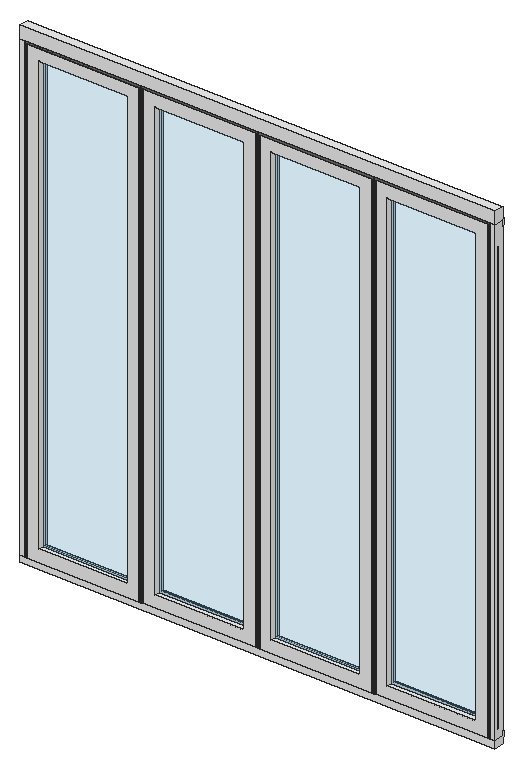
Revit family "98135", category Windows, host Wall, Revit 2018 (continued)
Definition of nested family "Sill_SL-60"
  Definition of nested family "Detailitem_Sill-SL60"
    Lines and regions (in)
      model lines, in view "Ref. Level"
        curve 389: line (0.27207, 0.98425, 0) -> (0.3937, 0.98425, 0)
        curve 390: line (0.29528, 0.32726, 0) -> (0.3937, 0.38409, 0)
        curve 391: line (0.3937, 0.38409, 0) -> (0.3937, 0.63166, 0)
        curve 392: line (0.3937, 0.63166, 0) -> (0.29528, 0.68849, 0)
        curve 393: line (0.29528, 0.68849, 0) -> (0.3937, 0.63166, 0)
        curve 394: line (0.3937, 0.63166, 0) -> (0.3937, 0.38409, 0)
        curve 395: line (0.3937, 0.38409, 0) -> (0.29528, 0.32726, 0)
        curve 396: line (0.2874, 0.78395, 0) -> (0.38189, 0.7294, 0)
        curve 397: line (0.38189, 0.7294, 0) -> (0.2874, 0.78395, 0)
        curve 398: line (0.27586, 0.87437, 0) -> (0.25306, 0.95947, 0)
        curve 399: line (0.25306, 0.95947, 0) -> (0.27586, 0.87437, 0)
        curve 400: line (0.27559, 0.72258, 0) -> (0.27559, 0.77714, 0)
        curve 401: line (0.27559, 0.77714, 0) -> (0.27559, 0.72258, 0)
        curve 402: line (0.27559, 0.23861, 0) -> (0.27559, 0.29317, 0)
        curve 403: line (0.27559, 0.29317, 0) -> (0.27559, 0.23861, 0)
        curve 404: line (0.3937, 0.73622, 0) -> (0.3937, 0.91732, 0)
        curve 405: line (0.3937, 0.91732, 0) -> (0.3937, 0.73622, 0)
        curve 406: line (0.3937, 0.09843, 0) -> (0.3937, 0.27953, 0)
        curve 407: line (0.3937, 0.27953, 0) -> (0.3937, 0.09843, 0)
        curve 408: line (0.38189, 0.92414, 0) -> (0.2874, 0.86959, 0)
        curve 409: line (0.2874, 0.86959, 0) -> (0.38189, 0.92414, 0)
        curve 410: line (0.25306, 0.05628, 0) -> (0.27586, 0.14138, 0)
        curve 411: line (0.27586, 0.14138, 0) -> (0.25306, 0.05628, 0)
        curve 412: line (0.38189, 0.28635, 0) -> (0.2874, 0.23179, 0)
        curve 413: line (0.2874, 0.23179, 0) -> (0.38189, 0.28635, 0)
        curve 414: line (-0.18549, 0.0315, 0) -> (0.18549, 0.0315, 0)
        curve 415: line (0.12866, 0.09941, 0) -> (-0.12866, 0.09941, 0)
        curve 416: line (-0.38583, 0.10531, 0) -> (-0.36457, 0.10531, 0)
        curve 417: line (-0.36457, 0.10531, 0) -> (-0.28785, 0.14961, 0)
        curve 418: line (-0.28785, 0.14961, 0) -> (-0.27811, 0.14961, 0)
        curve 419: line (0.27811, 0.14961, 0) -> (0.28785, 0.14961, 0)
        curve 420: line (0.28785, 0.14961, 0) -> (0.36457, 0.10531, 0)
        curve 421: line (0.36457, 0.10531, 0) -> (0.38583, 0.10531, 0)
        curve 422: line (0.38583, 0.27264, 0) -> (0.36457, 0.27264, 0)
        curve 423: line (0.36457, 0.27264, 0) -> (0.28785, 0.22835, 0)
        curve 424: line (0.28785, 0.22835, 0) -> (0.24856, 0.22835, 0)
        curve 425: line (-0.24856, 0.22835, 0) -> (-0.28785, 0.22835, 0)
        curve 426: line (-0.28785, 0.22835, 0) -> (-0.36457, 0.27264, 0)
        curve 427: line (-0.36457, 0.27264, 0) -> (-0.38583, 0.27264, 0)
        curve 428: line (-0.26106, 0.13976, 0) -> (-0.20253, 0.04134, 0)
        curve 429: line (-0.16275, 0.11909, 0) -> (-0.21447, 0.20866, 0)
        curve 430: line (-0.3937, 0.26476, 0) -> (-0.3937, 0.11319, 0)
        curve 431: line (0.3937, 0.11319, 0) -> (0.3937, 0.26476, 0)
        curve 432: line (0.21447, 0.20866, 0) -> (0.16275, 0.11909, 0)
        curve 433: line (0.20253, 0.04134, 0) -> (0.26106, 0.13976, 0)
        curve 434: line (-0.38583, 0.74311, 0) -> (-0.36457, 0.74311, 0)
        curve 435: line (-0.36457, 0.74311, 0) -> (-0.28785, 0.7874, 0)
        curve 436: line (-0.28785, 0.7874, 0) -> (-0.24856, 0.7874, 0)
        curve 437: line (0.24856, 0.7874, 0) -> (0.28785, 0.7874, 0)
        curve 438: line (0.28785, 0.7874, 0) -> (0.36457, 0.74311, 0)
        curve 439: line (0.36457, 0.74311, 0) -> (0.38583, 0.74311, 0)
        curve 440: line (0.38583, 0.91043, 0) -> (0.36457, 0.91043, 0)
        curve 441: line (0.36457, 0.91043, 0) -> (0.28785, 0.86614, 0)
        curve 442: line (0.28785, 0.86614, 0) -> (0.27811, 0.86614, 0)
        curve 443: line (-0.27811, 0.86614, 0) -> (-0.28785, 0.86614, 0)
        curve 444: line (-0.28785, 0.86614, 0) -> (-0.36457, 0.91043, 0)
        curve 445: line (-0.36457, 0.91043, 0) -> (-0.38583, 0.91043, 0)
        curve 446: line (-0.12866, 0.91634, 0) -> (0.12866, 0.91634, 0)
        curve 447: line (-0.3937, 0.90256, 0) -> (-0.3937, 0.75098, 0)
        curve 448: line (0.18549, 0.98425, 0) -> (-0.18549, 0.98425, 0)
        curve 449: line (-0.20253, 0.97441, 0) -> (-0.26106, 0.87598, 0)
        curve 450: line (0.16275, 0.89665, 0) -> (0.21447, 0.80709, 0)
        curve 451: line (0.26106, 0.87598, 0) -> (0.20253, 0.97441, 0)
        curve 452: line (-0.21447, 0.80709, 0) -> (-0.16275, 0.89665, 0)
        curve 453: line (0.3937, 0.75098, 0) -> (0.3937, 0.90256, 0)
        curve 574: line (-1.15354, 1.06299, 0) -> (-1.15354, 0, 0)
        curve 575: line (-1.15354, 0, 0) -> (-1.01189, 0, 0)
        curve 576: line (-1.01189, 0, 0) -> (-0.99606, 0.05906, 0)
        curve 577: line (-0.99606, 0.05906, 0) -> (-1.0748, 0.05906, 0)
        curve 578: line (-1.0748, 0.05906, 0) -> (-1.0748, 0.19685, 0)
        curve 579: line (-1.0748, 0.19685, 0) -> (-0.81967, 0.19685, 0)
        curve 580: line (-0.81967, 0.19685, 0) -> (-0.79921, 0.20866, 0)
        curve 581: line (-0.79921, 0.20866, 0) -> (-0.77876, 0.19685, 0)
        curve 582: line (-0.77876, 0.19685, 0) -> (-0.47244, 0.19685, 0)
        curve 583: line (-0.47244, 0.19685, 0) -> (-0.47244, 0.05906, 0)
        curve 584: line (-0.47244, 0.05906, 0) -> (-0.60236, 0.05906, 0)
        curve 585: line (-0.60236, 0.05906, 0) -> (-0.58654, 0, 0)
        curve 586: line (-0.58654, 0, 0) -> (-0.4252, 0, 0)
        curve 587: line (-0.46457, 1.77559, 0) -> (-0.46457, 1.49606, 0)
        curve 588: line (-0.46457, 1.49606, 0) -> (-0.52362, 1.49606, 0)
        curve 589: line (-0.52362, 1.49606, 0) -> (-0.53217, 1.56446, 0)
        curve 590: line (-0.54389, 1.5748, 0) -> (-0.59784, 1.5748, 0)
        curve 591: line (-0.60956, 1.56446, 0) -> (-0.61811, 1.49606, 0)
        curve 592: line (-0.61811, 1.49606, 0) -> (-0.67717, 1.49606, 0)
        curve 593: line (-0.67717, 1.49606, 0) -> (-0.67717, 1.65354, 0)
        curve 594: line (-0.67717, 1.65354, 0) -> (-0.70216, 1.79531, 0)
        curve 595: line (-0.70216, 1.79531, 0) -> (-0.68661, 1.87008, 0)
        curve 596: line (-0.66929, 1.88189, 0) -> (-0.66929, 1.91732, 0)
        curve 597: line (-0.74443, 1.8821, 0) -> (-0.77559, 1.73228, 0)
        curve 598: line (-0.77559, 1.73228, 0) -> (-0.77559, 1.1811, 0)
        curve 599: line (-0.77559, 1.1811, 0) -> (-1.19291, 1.1811, 0)
        curve 600: line (-1.19291, 1.1811, 0) -> (-1.26148, 1.11253, 0)
        curve 601: line (0.4252, 0, 0) -> (0.60229, 0, 0)
        curve 602: line (0.60229, 0, 0) -> (0.61811, 0.05906, 0)
        curve 603: line (0.61811, 0.05906, 0) -> (0.47244, 0.05906, 0)
        curve 604: line (0.47244, 0.05906, 0) -> (0.47244, 0.19685, 0)
        curve 605: line (0.47244, 0.19685, 0) -> (0.7945, 0.19685, 0)
        curve 606: line (0.7945, 0.19685, 0) -> (0.81496, 0.20866, 0)
        curve 607: line (0.81496, 0.20866, 0) -> (0.83542, 0.19685, 0)
        curve 608: line (0.83542, 0.19685, 0) -> (1.09055, 0.19685, 0)
        curve 609: line (1.09055, 0.19685, 0) -> (1.09055, 0.05906, 0)
        curve 610: line (1.09055, 0.05906, 0) -> (1.01181, 0.05906, 0)
        curve 611: line (1.01181, 0.05906, 0) -> (1.02763, 0, 0)
        curve 612: line (1.02763, 0, 0) -> (1.16929, 0, 0)
        curve 613: line (1.16929, 0, 0) -> (1.16929, 1.37795, 0)
        curve 614: line (1.16929, 1.37795, 0) -> (1.09055, 1.37795, 0)
        curve 615: line (1.07087, 1.35827, 0) -> (1.07087, 1.33858, 0)
        curve 616: line (1.07087, 1.33858, 0) -> (1.11024, 1.33858, 0)
        curve 617: line (1.11024, 1.33858, 0) -> (1.11024, 1.27953, 0)
        curve 618: line (1.11024, 1.27953, 0) -> (1.07087, 1.24016, 0)
        curve 619: line (1.07087, 1.24016, 0) -> (1.07087, 0.98819, 0)
        curve 620: line (1.07087, 0.98819, 0) -> (0.8937, 0.98819, 0)
        curve 621: line (0.8937, 0.98819, 0) -> (0.8937, 1.24016, 0)
        curve 622: line (0.8937, 1.24016, 0) -> (0.85433, 1.27953, 0)
        curve 623: line (0.85433, 1.27953, 0) -> (0.85433, 1.33858, 0)
        curve 624: line (0.85433, 1.33858, 0) -> (0.8937, 1.33858, 0)
        curve 625: line (0.8937, 1.33858, 0) -> (0.8937, 1.35827, 0)
        curve 626: line (0.87402, 1.37795, 0) -> (0.77559, 1.37795, 0)
        curve 627: line (0.77559, 1.37795, 0) -> (0.77559, 1.73228, 0)
        curve 628: line (0.77559, 1.73228, 0) -> (0.74443, 1.8821, 0)
        curve 629: line (0.66929, 1.91732, 0) -> (0.66929, 1.88189, 0)
        curve 630: line (0.68661, 1.87008, 0) -> (0.70216, 1.79531, 0)
        curve 631: line (0.70216, 1.79531, 0) -> (0.67717, 1.65354, 0)
        curve 632: line (0.67717, 1.65354, 0) -> (0.67717, 1.49606, 0)
        curve 633: line (0.67717, 1.49606, 0) -> (0.61811, 1.49606, 0)
        curve 634: line (0.61811, 1.49606, 0) -> (0.60956, 1.56446, 0)
        curve 635: line (0.59784, 1.5748, 0) -> (0.54389, 1.5748, 0)
        curve 636: line (0.53217, 1.56446, 0) -> (0.52362, 1.49606, 0)
        curve 637: line (0.52362, 1.49606, 0) -> (0.46457, 1.49606, 0)
        curve 638: line (0.46457, 1.49606, 0) -> (0.46457, 1.77559, 0)
        curve 639: line (0.82677, 0.98819, 0) -> (0.82677, 1.21243, 0)
        curve 640: line (0.82677, 1.21243, 0) -> (0.7874, 1.2518, 0)
        curve 641: line (0.7874, 1.2518, 0) -> (0.7874, 1.31102, 0)
        curve 642: line (0.7874, 1.31102, 0) -> (0.77559, 1.31102, 0)
        curve 643: line (0.70866, 1.37795, 0) -> (0.70866, 1.42913, 0)
        curve 644: line (0.70866, 1.42913, 0) -> (0.47244, 1.42913, 0)
        curve 645: line (0.47244, 1.42913, 0) -> (0.47244, 0.98031, 0)
        curve 646: line (0.47244, 0.98031, 0) -> (0.52756, 0.98031, 0)
        curve 647: line (0.56693, 0.94094, 0) -> (0.56693, 0.92126, 0)
        curve 648: line (0.56693, 0.92126, 0) -> (0.48819, 0.92126, 0)
        curve 649: line (0.48819, 0.92126, 0) -> (0.48819, 0.84252, 0)
        curve 650: line (0.48819, 0.84252, 0) -> (0.47244, 0.84252, 0)
        curve 651: line (0.47244, 0.84252, 0) -> (0.47244, 0.33858, 0)
        curve 652: line (0.47244, 0.33858, 0) -> (0.48819, 0.33858, 0)
        curve 653: line (0.48819, 0.33858, 0) -> (0.48819, 0.25984, 0)
        curve 654: line (0.48819, 0.25984, 0) -> (1.07087, 0.25984, 0)
        curve 655: line (1.07087, 0.25984, 0) -> (1.07087, 0.33858, 0)
        curve 656: line (1.07087, 0.33858, 0) -> (1.09055, 0.33858, 0)
        curve 657: line (1.09055, 0.33858, 0) -> (1.09055, 0.84252, 0)
        curve 658: line (1.09055, 0.84252, 0) -> (1.07087, 0.84252, 0)
        curve 659: line (1.07087, 0.84252, 0) -> (1.07087, 0.92126, 0)
        curve 660: line (1.07087, 0.92126, 0) -> (0.8937, 0.92126, 0)
        curve 661: line (-1.42913, 1.33858, 0) -> (-1.42913, 2.36291, 0)
        curve 662: line (-1.22835, 2.53937, 0) -> (-1.22835, 2.46063, 0)
        curve 663: line (-1.24803, 2.44094, 0) -> (-1.26772, 2.44094, 0)
        curve 664: line (-1.26772, 2.44094, 0) -> (-1.26772, 2.48819, 0)
        curve 665: line (-1.26772, 2.48819, 0) -> (-1.3189, 2.48819, 0)
        curve 666: line (-1.3189, 2.48819, 0) -> (-1.3189, 2.44094, 0)
        curve 667: line (-1.3189, 2.44094, 0) -> (-1.35039, 2.44094, 0)
        curve 668: line (-1.35039, 2.44094, 0) -> (-1.35039, 2.3189, 0)
        curve 669: line (-1.35039, 2.3189, 0) -> (-1.3189, 2.3189, 0)
        curve 670: line (-1.3189, 2.3189, 0) -> (-1.3189, 2.27165, 0)
        curve 671: line (-1.3189, 2.27165, 0) -> (-1.26772, 2.27165, 0)
        curve 672: line (-1.26772, 2.27165, 0) -> (-1.26772, 2.3189, 0)
        curve 673: line (-1.26772, 2.3189, 0) -> (-1.24803, 2.3189, 0)
        curve 674: line (-1.22835, 2.29921, 0) -> (-1.22835, 2.13386, 0)
        curve 675: line (-1.22835, 2.13386, 0) -> (-1.26378, 2.13386, 0)
        curve 676: line (-1.26378, 2.13386, 0) -> (-1.26378, 2.2126, 0)
        curve 677: line (-1.26378, 2.2126, 0) -> (-1.35039, 2.2126, 0)
        curve 678: line (-1.35039, 2.2126, 0) -> (-1.35039, 1.80709, 0)
        curve 679: line (-1.35039, 1.80709, 0) -> (-1.26378, 1.80709, 0)
        curve 680: line (-1.26378, 1.80709, 0) -> (-1.26378, 1.88583, 0)
        curve 681: line (-1.26378, 1.88583, 0) -> (-1.22835, 1.88583, 0)
        curve 682: line (-1.22835, 1.88583, 0) -> (-1.22835, 1.80709, 0)
        curve 683: line (-1.2874, 1.74803, 0) -> (-1.35039, 1.74803, 0)
        curve 684: line (-1.35039, 1.74803, 0) -> (-1.35039, 1.33858, 0)
        curve 685: line (-1.34688, 1.30552, 0) -> (-1.40908, 1.24333, 0)
        curve 686: line (-0.51181, 0.98031, 0) -> (-0.47244, 0.98031, 0)
        curve 687: line (-0.47244, 0.98031, 0) -> (-0.47244, 1.42913, 0)
        curve 688: line (-0.47244, 1.42913, 0) -> (-0.70866, 1.42913, 0)
        curve 689: line (-0.70866, 1.42913, 0) -> (-0.70866, 1.1811, 0)
        curve 690: line (-0.77559, 1.11417, 0) -> (-1.0748, 1.11417, 0)
        curve 691: line (-1.0748, 1.11417, 0) -> (-1.0748, 0.98031, 0)
        curve 692: line (-1.0748, 0.98031, 0) -> (-1.01575, 0.98031, 0)
        curve 693: line (-0.97638, 0.94094, 0) -> (-0.97638, 0.92126, 0)
        curve 694: line (-0.97638, 0.92126, 0) -> (-1.05512, 0.92126, 0)
        curve 695: line (-1.05512, 0.92126, 0) -> (-1.05512, 0.84252, 0)
        curve 696: line (-1.05512, 0.84252, 0) -> (-1.0748, 0.84252, 0)
        curve 697: line (-1.0748, 0.84252, 0) -> (-1.0748, 0.33858, 0)
        curve 698: line (-1.0748, 0.33858, 0) -> (-1.05512, 0.33858, 0)
        curve 699: line (-1.05512, 0.33858, 0) -> (-1.05512, 0.25984, 0)
        curve 700: line (-1.05512, 0.25984, 0) -> (-0.47244, 0.25984, 0)
        curve 701: line (-0.47244, 0.25984, 0) -> (-0.47244, 0.92126, 0)
        curve 702: line (-0.47244, 0.92126, 0) -> (-0.55118, 0.92126, 0)
        curve 703: line (-0.55118, 0.92126, 0) -> (-0.55118, 0.94094, 0)
        curve 790: arc (0.15996, 1.04629, 0) -> (0.09099, 1.10717, 0) -> (0.001, 1.12627, 0) r 0.18096
        curve 791: arc (0.001, 1.12627, 0) -> (-0.08898, 1.10717, 0) -> (-0.15795, 1.04629, 0) r 0.18096
        curve 792: line (0.29796, 1.04629, 0) -> (0.29796, 0.98425, 0)
        curve 793: line (0.29796, 0.98425, 0) -> (-0.29796, 0.98425, 0)
        curve 794: line (-0.29796, 0.98425, 0) -> (-0.29796, 1.04629, 0)
        curve 795: line (-0.29796, 1.04629, 0) -> (0.29796, 1.04629, 0)
        curve 796: line (-0.15744, 1.04705, 0) -> (0.15945, 1.04705, 0)
      model lines, in view "Ref. Level", visible <- "Half"
        curve 5: arc (-0.23622, 2.10631, 0) -> (-0.25014, 2.10055, 0) -> (-0.25591, 2.08663, 0) r 0.01969
        curve 6: arc (0.25591, 2.08663, 0) -> (0.25014, 2.10055, 0) -> (0.23622, 2.10631, 0) r 0.01969
        curve 7: arc (-0.11547, 1.72246, 0) -> (-0.11744, 1.71771, 0) -> (-0.11811, 1.71261, 0) r 0.01969
        curve 8: arc (-0.25591, 1.77167, 0) -> (-0.25014, 1.75775, 0) -> (-0.23622, 1.75198, 0) r 0.01969
        curve 9: arc (0.11811, 1.71261, 0) -> (0.11744, 1.71771, 0) -> (0.11547, 1.72246, 0) r 0.01969
        curve 10: arc (0.23622, 1.75198, 0) -> (0.25014, 1.75775, 0) -> (0.25591, 1.77167, 0) r 0.01969
        curve 13: line (0.25591, 2.75592, 0) -> (0.25591, 1.77167, 0)
        curve 14: line (-0.25591, 2.75592, 0) -> (-0.25591, 1.77167, 0)
        curve 17: line (-0.23622, 2.10631, 0) -> (0.23622, 2.10631, 0)
        curve 18: line (-0.23622, 1.75198, 0) -> (0.23622, 1.75198, 0)
        curve 19: line (-0.11547, 1.72246, 0) -> (-0.09843, 1.75198, 0)
        curve 20: line (0.11547, 1.72246, 0) -> (0.09843, 1.75198, 0)
        curve 21: arc (-0.93408, 4.44667, 0) -> (-0.89727, 4.44826, 0) -> (-0.86136, 4.45654, 0) r 0.20101
        curve 22: arc (-0.88229, 4.65698, 0) -> (-0.93732, 4.63747, 0) -> (-0.98554, 4.60455, 0) r 0.22677
        curve 23: arc (-0.93408, 4.44667, 0) -> (-0.94862, 4.44126, 0) -> (-0.95472, 4.42701, 0) r 0.01969
        curve 24: arc (-1.04001, 4.376, 0) -> (-1.04891, 4.41236, 0) -> (-1.07359, 4.4405, 0) r 0.07874
        curve 25: arc (-0.98425, 4.18112, 0) -> (-0.96276, 4.19056, 0) -> (-0.95472, 4.21261, 0) r 0.02987
        curve 26: arc (-1.07359, 4.27213, 0) -> (-1.04891, 4.30027, 0) -> (-1.04001, 4.33663, 0) r 0.07874
        curve 27: arc (-1.08315, 4.26544, 0) -> (-1.09146, 4.25103, 0) -> (-1.08577, 4.23539, 0) r 0.01969
        curve 28: arc (-1.08577, 4.47723, 0) -> (-1.09146, 4.4616, 0) -> (-1.08315, 4.44719, 0) r 0.01969
        curve 29: arc (-0.98554, 4.60455, 0) -> (-0.99026, 4.59823, 0) -> (-0.99211, 4.59057, 0) r 0.01969
        curve 30: arc (-0.83465, 4.61849, 0) -> (-0.84927, 4.64911, 0) -> (-0.88229, 4.65698, 0) r 0.03937
        curve 31: arc (-0.86136, 4.45654, 0) -> (-0.84201, 4.47089, 0) -> (-0.83465, 4.49382, 0) r 0.03937
        curve 32: arc (0.13796, 4.53115, 0) -> (0.11104, 4.514, 0) -> (0.12578, 4.48569, 0) r 0.02362
        curve 33: arc (0.13386, 4.70474, 0) -> (0.11053, 4.68483, 0) -> (0.12652, 4.65866, 0) r 0.02362
        curve 34: arc (0.39896, 4.29908, 0) -> (0.37425, 4.27026, 0) -> (0.40177, 4.24411, 0) r 0.02756
        curve 35: arc (0.13386, 4.35435, 0) -> (0.11033, 4.33278, 0) -> (0.12976, 4.30746, 0) r 0.02362
        curve 36: arc (0.57556, 3.81891, 0) -> (0.59375, 3.83106, 0) -> (0.58948, 3.85252, 0) r 0.01969
        curve 37: arc (0.40177, 4.06778, 0) -> (0.37631, 4.02968, 0) -> (0.42126, 4.02074, 0) r 0.02756
        curve 38: arc (0.52804, 3.83044, 0) -> (0.54081, 3.82191, 0) -> (0.55588, 3.81891, 0) r 0.03937
        curve 39: arc (1.07874, 2.29529, 0) -> (1.07317, 2.29298, 0) -> (1.07087, 2.28742, 0) r 0.00787
        curve 40: arc (1.07087, 2.26379, 0) -> (1.07663, 2.24987, 0) -> (1.09055, 2.24411, 0) r 0.01969
        curve 41: arc (0.99373, 2.3428, 0) -> (0.98228, 2.34647, 0) -> (0.97084, 2.3428, 0) r 0.01969
        curve 42: arc (0.8937, 2.28742, 0) -> (0.89139, 2.29298, 0) -> (0.88583, 2.29529, 0) r 0.00787
        curve 43: arc (0.87402, 2.24411, 0) -> (0.88794, 2.24987, 0) -> (0.8937, 2.26379, 0) r 0.01969
        curve 44: arc (0.944, 2.27034, 0) -> (0.98228, 2.24017, 0) -> (1.02056, 2.27034, 0) r 0.03937
        curve 45: arc (1.01662, 2.37484, 0) -> (0.98228, 2.38584, 0) -> (0.94795, 2.37484, 0) r 0.05906
        curve 46: arc (0.98527, 1.78771, 0) -> (1.02357, 1.78103, 0) -> (1.05391, 1.80535, 0) r 0.04724
        curve 47: arc (0.96757, 1.76165, 0) -> (1.03141, 1.75052, 0) -> (1.08198, 1.79106, 0) r 0.07874
        curve 48: arc (1.08198, 1.79106, 0) -> (1.10207, 1.83292, 0) -> (1.12016, 1.87568, 0) r 0.98425
        curve 49: arc (1.05391, 1.80535, 0) -> (1.07336, 1.84587, 0) -> (1.09087, 1.88727, 0) r 0.95276
        curve 50: arc (1.139, 1.87377, 0) -> (1.1303, 1.88185, 0) -> (1.12016, 1.87568, 0) r 0.00984
        curve 51: arc (0.82677, 2.12977, 0) -> (0.81402, 2.1482, 0) -> (0.79229, 2.14275, 0) r 0.01969
        curve 52: arc (0.75689, 2.17423, 0) -> (0.72218, 2.11583, 0) -> (0.71959, 2.04794, 0) r 0.1378
        curve 53: arc (0.79229, 2.14275, 0) -> (0.76789, 2.10377, 0) -> (0.76579, 2.05783, 0) r 0.09055
        curve 54: arc (0.82677, 1.87009, 0) -> (0.84513, 1.81956, 0) -> (0.89164, 1.79258, 0) r 0.07874
        curve 55: arc (0.85827, 1.87009, 0) -> (0.86928, 1.83977, 0) -> (0.89719, 1.82359, 0) r 0.04724
        curve 56: arc (0.96757, 1.76165, 0) -> (0.93123, 1.78111, 0) -> (0.89164, 1.79258, 0) r 0.19685
        curve 57: arc (0.98527, 1.78771, 0) -> (0.94312, 1.81028, 0) -> (0.89719, 1.82359, 0) r 0.22835
        curve 58: arc (0.80768, 1.8822, 0) -> (0.8053, 1.87873, 0) -> (0.80504, 1.87452, 0) r 0.00787
        curve 59: arc (0.82677, 1.88978, 0) -> (0.8245, 1.89335, 0) -> (0.8203, 1.89279, 0) r 0.00394
        curve 60: arc (0.82396, 1.91642, 0) -> (0.82603, 1.91912, 0) -> (0.82677, 1.92245, 0) r 0.00787
        curve 61: arc (0.79895, 1.90298, 0) -> (0.80152, 1.90008, 0) -> (0.80533, 1.90079, 0) r 0.00394
        curve 62: arc (0.7874, 1.73129, 0) -> (0.81545, 1.71314, 0) -> (0.8336, 1.74118, 0) r 0.02362
        curve 63: line (-1.08577, 4.23539, 0) -> (-1.0315, 4.18112, 0)
        curve 64: line (-1.0315, 4.18112, 0) -> (-1.0315, 4.21261, 0)
        curve 65: line (-1.0315, 4.21261, 0) -> (-0.99213, 4.21261, 0)
        curve 66: line (-0.99213, 4.21261, 0) -> (-0.99213, 4.18112, 0)
        curve 67: line (-0.99213, 4.18112, 0) -> (-0.98425, 4.18112, 0)
        curve 68: line (-1.07359, 4.27213, 0) -> (-1.08315, 4.26544, 0)
        curve 69: line (-1.04001, 4.376, 0) -> (-1.04001, 4.33663, 0)
        curve 70: line (-0.95472, 4.21261, 0) -> (-0.95472, 4.42701, 0)
        curve 71: line (-0.99213, 4.59057, 0) -> (-0.99213, 4.49214, 0)
        curve 72: line (-0.99213, 4.49214, 0) -> (-1.0315, 4.49214, 0)
        curve 73: line (-1.0315, 4.49214, 0) -> (-1.0315, 4.53151, 0)
        curve 74: line (-1.0315, 4.53151, 0) -> (-1.08577, 4.47723, 0)
        curve 75: line (-1.08315, 4.44719, 0) -> (-1.07359, 4.4405, 0)
        curve 76: line (-0.83465, 4.61849, 0) -> (-0.83465, 4.49382, 0)
        curve 77: line (0.52804, 3.83044, 0) -> (0.34272, 4.01576, 0)
        curve 78: line (0.34272, 4.01576, 0) -> (0.34272, 4.26922, 0)
        curve 79: line (0.34272, 4.26922, 0) -> (0.12976, 4.30746, 0)
        curve 80: line (0.40177, 4.24411, 0) -> (0.40177, 4.06778, 0)
        curve 81: line (0.13796, 4.53115, 0) -> (0.34252, 4.49439, 0)
        curve 82: line (0.34252, 4.49439, 0) -> (0.34252, 4.58681, 0)
        curve 83: line (0.34252, 4.58681, 0) -> (0.12652, 4.65866, 0)
        curve 84: line (0.13386, 4.35435, 0) -> (0.34252, 4.35435, 0)
        curve 85: line (0.34252, 4.35435, 0) -> (0.34252, 4.40537, 0)
        curve 86: line (0.34252, 4.40537, 0) -> (0.12578, 4.48569, 0)
        curve 87: line (0.13386, 4.70474, 0) -> (0.19291, 4.70474, 0)
        curve 88: line (0.19291, 4.70474, 0) -> (0.4659, 4.66537, 0)
        curve 89: line (0.4659, 4.66537, 0) -> (0.5, 4.60631, 0)
        curve 90: line (0.5, 4.60631, 0) -> (0.42126, 4.60631, 0)
        curve 91: line (0.42126, 4.60631, 0) -> (0.42126, 4.50789, 0)
        curve 92: line (0.42126, 4.50789, 0) -> (0.46063, 4.50789, 0)
        curve 93: line (0.46063, 4.50789, 0) -> (0.46063, 4.4882, 0)
        curve 94: line (0.46063, 4.4882, 0) -> (0.39896, 4.29908, 0)
        curve 95: line (0.42126, 4.02074, 0) -> (0.58948, 3.85252, 0)
        curve 96: line (0.57556, 3.81891, 0) -> (0.55588, 3.81891, 0)
        curve 101: line (-1.16142, 2.37751, 0) -> (-1.27953, 2.37751, 0)
        curve 102: line (-1.27953, 2.37751, 0) -> (-1.16142, 2.35668, 0)
        curve 103: line (-1.27953, 2.33753, 0) -> (-1.16142, 2.31671, 0)
        curve 104: line (-1.27953, 2.35752, 0) -> (-1.16142, 2.33669, 0)
        curve 105: line (-1.27953, 2.37751, 0) -> (-1.16142, 2.39833, 0)
        curve 106: line (-1.27953, 2.3975, 0) -> (-1.16142, 2.41832, 0)
        curve 107: line (-1.27953, 2.41749, 0) -> (-1.16142, 2.43831, 0)
        curve 108: line (0.87402, 2.24411, 0) -> (0.82677, 2.24411, 0)
        curve 109: line (0.82677, 2.24411, 0) -> (0.75689, 2.17423, 0)
        curve 110: line (1.139, 1.87377, 0) -> (1.14173, 1.85828, 0)
        curve 111: line (1.14173, 1.85828, 0) -> (1.16929, 1.85828, 0)
        curve 112: line (1.16929, 1.85828, 0) -> (1.16929, 2.24411, 0)
        curve 113: line (1.16929, 2.24411, 0) -> (1.09055, 2.24411, 0)
        curve 114: line (1.02056, 2.27034, 0) -> (1.0315, 2.31582, 0)
        curve 115: line (1.0315, 2.31582, 0) -> (0.99373, 2.3428, 0)
        curve 116: line (1.07874, 2.29529, 0) -> (1.10039, 2.29529, 0)
        curve 117: line (1.10039, 2.29529, 0) -> (1.10039, 2.31498, 0)
        curve 118: line (1.10039, 2.31498, 0) -> (1.01662, 2.37484, 0)
        curve 119: line (1.07087, 2.26379, 0) -> (1.07087, 2.28742, 0)
        curve 120: line (0.94795, 2.37484, 0) -> (0.86417, 2.31498, 0)
        curve 121: line (0.86417, 2.31498, 0) -> (0.86417, 2.29529, 0)
        curve 122: line (0.86417, 2.29529, 0) -> (0.88583, 2.29529, 0)
        curve 123: line (0.97084, 2.3428, 0) -> (0.93307, 2.31582, 0)
        curve 124: line (0.93307, 2.31582, 0) -> (0.944, 2.27034, 0)
        curve 125: line (0.8937, 2.26379, 0) -> (0.8937, 2.28742, 0)
        curve 126: line (1.07874, 2.16537, 0) -> (0.91732, 2.16537, 0)
        curve 127: line (0.91732, 2.16537, 0) -> (0.91732, 2.01183, 0)
        curve 128: line (0.91732, 2.01183, 0) -> (1.07874, 2.01183, 0)
        curve 129: line (1.07874, 2.01183, 0) -> (1.07874, 2.16537, 0)
        curve 130: line (1.09087, 1.88727, 0) -> (1.09087, 1.93309, 0)
        curve 131: line (1.09087, 1.93309, 0) -> (0.85827, 1.93309, 0)
        curve 132: line (0.85827, 1.93309, 0) -> (0.85827, 1.87009, 0)
        curve 133: line (0.8336, 1.74118, 0) -> (0.80504, 1.87452, 0)
        curve 134: line (0.71959, 2.04794, 0) -> (0.7874, 1.73129, 0)
        curve 135: line (0.79895, 1.90298, 0) -> (0.76579, 2.05783, 0)
        curve 136: line (0.82677, 2.12977, 0) -> (0.82677, 1.92245, 0)
        curve 137: line (0.82677, 1.88978, 0) -> (0.82677, 1.87009, 0)
        curve 138: line (0.82396, 1.91642, 0) -> (0.80533, 1.90079, 0)
        curve 139: line (0.80768, 1.8822, 0) -> (0.8203, 1.89279, 0)
        curve 190: arc (0.43307, 4.22836, 0) -> (0.42472, 4.2249, 0) -> (0.42126, 4.21655, 0) r 0.01181
        curve 191: arc (0.42126, 4.5197, 0) -> (0.42472, 4.51135, 0) -> (0.43307, 4.50789, 0) r 0.01181
        curve 192: arc (0.64961, 4.53938, 0) -> (0.62177, 4.52785, 0) -> (0.61024, 4.50001, 0) r 0.03937
        curve 193: arc (0.57087, 4.13387, 0) -> (0.5987, 4.1454, 0) -> (0.61024, 4.17324, 0) r 0.03937
        curve 194: arc (1.14961, 3.81891, 0) -> (1.12598, 3.83072, 0) -> (1.10236, 3.81891, 0) r 0.02953
        curve 195: arc (0.95276, 3.59844, 0) -> (0.98059, 3.60997, 0) -> (0.99213, 3.63781, 0) r 0.03937
        curve 196: arc (0.9311, 3.59844, 0) -> (0.89961, 3.56694, 0) -> (0.9311, 3.53545, 0) r 0.0315
        curve 197: arc (0.9685, 3.53545, 0) -> (1.02418, 3.55851, 0) -> (1.04724, 3.61419, 0) r 0.07874
        curve 198: arc (1.09083, 3.76801, 0) -> (1.09937, 3.78078, 0) -> (1.10236, 3.79585, 0) r 0.03937
        curve 199: arc (1.10236, 4.50001, 0) -> (1.09083, 4.52785, 0) -> (1.06299, 4.53938, 0) r 0.03937
        curve 200: arc (-0.28127, 2.76576, 0) -> (-0.27407, 2.75856, 0) -> (-0.26423, 2.75592, 0) r 0.01969
        curve 201: arc (-0.47244, 2.83761, 0) -> (-0.47013, 2.83205, 0) -> (-0.46457, 2.82974, 0) r 0.00787
        curve 202: arc (-0.46457, 2.99706, 0) -> (-0.47013, 2.99476, 0) -> (-0.47244, 2.98919, 0) r 0.00787
        curve 203: arc (-0.29321, 2.93309, 0) -> (-0.30762, 2.9475, 0) -> (-0.3273, 2.95277, 0) r 0.03937
        curve 204: arc (0.3273, 2.95277, 0) -> (0.30762, 2.9475, 0) -> (0.29321, 2.93309, 0) r 0.03937
        curve 205: arc (0.47244, 2.98919, 0) -> (0.47013, 2.99476, 0) -> (0.46457, 2.99706, 0) r 0.00787
        curve 206: arc (0.46457, 2.82974, 0) -> (0.47013, 2.83205, 0) -> (0.47244, 2.83761, 0) r 0.00787
        curve 207: arc (0.26423, 2.75592, 0) -> (0.27407, 2.75856, 0) -> (0.28127, 2.76576, 0) r 0.01969
        curve 208: arc (0.35685, 2.87403, 0) -> (0.34701, 2.87139, 0) -> (0.3398, 2.86419, 0) r 0.01969
        curve 209: arc (-0.3398, 2.86419, 0) -> (-0.34701, 2.87139, 0) -> (-0.35685, 2.87403, 0) r 0.01969
        curve 210: arc (-0.24377, 2.84746, 0) -> (-0.22936, 2.83305, 0) -> (-0.20967, 2.82777, 0) r 0.03937
        curve 211: arc (0.20967, 2.82777, 0) -> (0.22936, 2.83305, 0) -> (0.24377, 2.84746, 0) r 0.03937
        curve 212: arc (0.46063, 2.81603, 0) -> (0.4685, 2.81603, 0) -> (0.47244, 2.82285, 0) r 0.00787
        curve 213: arc (0.36614, 2.87058, 0) -> (0.35919, 2.87104, 0) -> (0.3546, 2.8658, 0) r 0.00787
        curve 214: arc (0.3318, 2.7807, 0) -> (0.33519, 2.76362, 0) -> (0.35081, 2.75592, 0) r 0.01969
        curve 215: arc (0.35081, 3.81891, 0) -> (0.33519, 3.81121, 0) -> (0.3318, 3.79413, 0) r 0.01969
        curve 216: arc (0.3546, 3.70903, 0) -> (0.35919, 3.70379, 0) -> (0.36614, 3.70425, 0) r 0.00787
        curve 217: arc (0.47244, 3.75198, 0) -> (0.4685, 3.7588, 0) -> (0.46063, 3.7588, 0) r 0.00787
        curve 218: arc (0.46063, 3.56406, 0) -> (0.4685, 3.56406, 0) -> (0.47244, 3.57088, 0) r 0.00787
        curve 219: arc (0.36614, 3.61861, 0) -> (0.35827, 3.61861, 0) -> (0.35433, 3.6118, 0) r 0.00787
        curve 220: arc (0.35433, 3.55724, 0) -> (0.35961, 3.53756, 0) -> (0.37402, 3.52315, 0) r 0.03937
        curve 221: arc (0.37402, 3.05169, 0) -> (0.35961, 3.03727, 0) -> (0.35433, 3.01759, 0) r 0.03937
        curve 222: arc (0.35433, 2.96304, 0) -> (0.35827, 2.95622, 0) -> (0.36614, 2.95622, 0) r 0.00787
        curve 223: arc (0.47244, 3.00395, 0) -> (0.4685, 3.01077, 0) -> (0.46063, 3.01077, 0) r 0.00787
        curve 224: arc (-0.35433, 3.01759, 0) -> (-0.35961, 3.03727, 0) -> (-0.37402, 3.05169, 0) r 0.03937
        curve 225: arc (-0.36614, 2.95622, 0) -> (-0.35827, 2.95622, 0) -> (-0.35433, 2.96304, 0) r 0.00787
        curve 226: arc (-0.46063, 3.01077, 0) -> (-0.4685, 3.01077, 0) -> (-0.47244, 3.00395, 0) r 0.00787
        curve 227: arc (-0.47244, 2.82285, 0) -> (-0.4685, 2.81603, 0) -> (-0.46063, 2.81603, 0) r 0.00787
        curve 228: arc (-0.3546, 2.8658, 0) -> (-0.35919, 2.87104, 0) -> (-0.36614, 2.87058, 0) r 0.00787
        curve 229: arc (-0.35081, 2.75592, 0) -> (-0.33519, 2.76362, 0) -> (-0.3318, 2.7807, 0) r 0.01969
        curve 230: arc (-0.3318, 3.79413, 0) -> (-0.33519, 3.81121, 0) -> (-0.35081, 3.81891, 0) r 0.01969
        curve 231: arc (-0.36614, 3.70425, 0) -> (-0.35919, 3.70379, 0) -> (-0.3546, 3.70903, 0) r 0.00787
        curve 232: arc (-0.46063, 3.7588, 0) -> (-0.4685, 3.7588, 0) -> (-0.47244, 3.75198, 0) r 0.00787
        curve 233: arc (-0.47244, 3.57088, 0) -> (-0.4685, 3.56406, 0) -> (-0.46063, 3.56406, 0) r 0.00787
        curve 234: arc (-0.35433, 3.6118, 0) -> (-0.35827, 3.61861, 0) -> (-0.36614, 3.61861, 0) r 0.00787
        curve 235: arc (-0.37402, 3.52315, 0) -> (-0.35961, 3.53756, 0) -> (-0.35433, 3.55724, 0) r 0.03937
        curve 236: arc (0.3398, 3.71064, 0) -> (0.34701, 3.70344, 0) -> (0.35685, 3.7008, 0) r 0.01969
        curve 237: arc (-0.35685, 3.7008, 0) -> (-0.34701, 3.70344, 0) -> (-0.3398, 3.71064, 0) r 0.01969
        curve 238: arc (-0.20967, 3.74706, 0) -> (-0.22936, 3.74179, 0) -> (-0.24377, 3.72738, 0) r 0.03937
        curve 239: arc (0.24377, 3.72738, 0) -> (0.22936, 3.74179, 0) -> (0.20967, 3.74706, 0) r 0.03937
        curve 240: arc (-0.46457, 3.74509, 0) -> (-0.47013, 3.74279, 0) -> (-0.47244, 3.73722, 0) r 0.00787
        curve 241: arc (-0.47244, 3.58564, 0) -> (-0.47013, 3.58008, 0) -> (-0.46457, 3.57777, 0) r 0.00787
        curve 242: arc (-0.3273, 3.62206, 0) -> (-0.30762, 3.62734, 0) -> (-0.29321, 3.64175, 0) r 0.03937
        curve 243: arc (0.29321, 3.64175, 0) -> (0.30762, 3.62734, 0) -> (0.3273, 3.62206, 0) r 0.03937
        curve 244: arc (0.46457, 3.57777, 0) -> (0.47013, 3.58008, 0) -> (0.47244, 3.58564, 0) r 0.00787
        curve 245: arc (0.47244, 3.73722, 0) -> (0.47013, 3.74279, 0) -> (0.46457, 3.74509, 0) r 0.00787
        curve 246: arc (-0.26423, 3.81891, 0) -> (-0.27407, 3.81628, 0) -> (-0.28127, 3.80907, 0) r 0.01969
        curve 247: arc (0.28127, 3.80907, 0) -> (0.27407, 3.81628, 0) -> (0.26423, 3.81891, 0) r 0.01969
        curve 305: arc (-0.65748, 2.82285, 0) -> (-0.77819, 2.77806, 0) -> (-0.84046, 2.66537, 0) r 0.18504
        curve 306: arc (-1.00394, 4.49214, 0) -> (-0.99559, 4.4956, 0) -> (-0.99213, 4.50395, 0) r 0.01181
        curve 307: arc (-0.99213, 4.2008, 0) -> (-0.99559, 4.20915, 0) -> (-1.00394, 4.21261, 0) r 0.01181
        curve 308: arc (-1.0315, 4.11812, 0) -> (-1.00366, 4.12966, 0) -> (-0.99213, 4.1575, 0) r 0.03937
        curve 309: arc (-0.83858, 3.81891, 0) -> (-0.85592, 3.81663, 0) -> (-0.87208, 3.80993, 0) r 0.06693
        curve 310: arc (-0.3318, 3.79413, 0) -> (-0.33519, 3.81121, 0) -> (-0.35081, 3.81891, 0) r 0.01969
        curve 311: arc (-0.36614, 3.70425, 0) -> (-0.35919, 3.70379, 0) -> (-0.3546, 3.70903, 0) r 0.00787
        curve 312: arc (-0.46063, 3.7588, 0) -> (-0.4685, 3.7588, 0) -> (-0.47244, 3.75198, 0) r 0.00787
        curve 313: arc (-0.47244, 3.57088, 0) -> (-0.4685, 3.56406, 0) -> (-0.46063, 3.56406, 0) r 0.00787
        curve 314: arc (-0.35433, 3.6118, 0) -> (-0.35827, 3.61861, 0) -> (-0.36614, 3.61861, 0) r 0.00787
        curve 315: arc (-0.37402, 3.52315, 0) -> (-0.35961, 3.53756, 0) -> (-0.35433, 3.55724, 0) r 0.03937
        curve 316: arc (-0.35433, 3.01759, 0) -> (-0.35961, 3.03727, 0) -> (-0.37402, 3.05169, 0) r 0.03937
        curve 317: arc (-0.36614, 2.95622, 0) -> (-0.35827, 2.95622, 0) -> (-0.35433, 2.96304, 0) r 0.00787
        curve 318: arc (-0.46063, 3.01077, 0) -> (-0.4685, 3.01077, 0) -> (-0.47244, 3.00395, 0) r 0.00787
        curve 319: arc (-0.47244, 2.82285, 0) -> (-0.4685, 2.81603, 0) -> (-0.46063, 2.81603, 0) r 0.00787
        curve 320: arc (-0.3546, 2.8658, 0) -> (-0.35919, 2.87104, 0) -> (-0.36614, 2.87058, 0) r 0.00787
        curve 321: arc (-0.35081, 2.75592, 0) -> (-0.33519, 2.76362, 0) -> (-0.3318, 2.7807, 0) r 0.01969
        curve 322: arc (-0.65748, 2.75592, 0) -> (-0.741, 2.72133, 0) -> (-0.77559, 2.63781, 0) r 0.11811
        curve 323: arc (-0.83465, 2.24411, 0) -> (-0.8098, 2.25294, 0) -> (-0.7961, 2.27546, 0) r 0.03937
        curve 324: arc (-0.8937, 2.26379, 0) -> (-0.88794, 2.24987, 0) -> (-0.87402, 2.24411, 0) r 0.01969
        curve 325: arc (-0.86024, 2.37403, 0) -> (-0.87416, 2.36826, 0) -> (-0.87992, 2.35435, 0) r 0.01969
        curve 326: arc (-1.08465, 2.35435, 0) -> (-1.09041, 2.36826, 0) -> (-1.10433, 2.37403, 0) r 0.01969
        curve 327: arc (-1.09055, 2.24411, 0) -> (-1.07663, 2.24987, 0) -> (-1.07087, 2.26379, 0) r 0.01969
        curve 328: arc (0.83071, 3.56301, 0) -> (0.86184, 3.48784, 0) -> (0.93701, 3.45671, 0) r 0.1063
        curve 329: arc (0.84252, 2.66537, 0) -> (0.78068, 2.77926, 0) -> (0.65928, 2.82465, 0) r 0.18504
        curve 330: arc (0.89305, 3.77635, 0) -> (0.86845, 3.80726, 0) -> (0.83071, 3.81891, 0) r 0.06693
        curve 331: arc (0.35081, 3.81891, 0) -> (0.33519, 3.81121, 0) -> (0.3318, 3.79413, 0) r 0.01969
        curve 332: arc (0.3546, 3.70903, 0) -> (0.35919, 3.70379, 0) -> (0.36614, 3.70425, 0) r 0.00787
        curve 333: arc (0.47244, 3.75198, 0) -> (0.4685, 3.7588, 0) -> (0.46063, 3.7588, 0) r 0.00787
        curve 334: arc (0.46063, 3.56406, 0) -> (0.4685, 3.56406, 0) -> (0.47244, 3.57088, 0) r 0.00787
        curve 335: arc (0.36614, 3.61861, 0) -> (0.35827, 3.61861, 0) -> (0.35433, 3.6118, 0) r 0.00787
        curve 336: arc (0.35433, 3.55724, 0) -> (0.35961, 3.53756, 0) -> (0.37402, 3.52315, 0) r 0.03937
        curve 337: arc (0.37402, 3.05169, 0) -> (0.35961, 3.03727, 0) -> (0.35433, 3.01759, 0) r 0.03937
        curve 338: arc (0.35433, 2.96304, 0) -> (0.35827, 2.95622, 0) -> (0.36614, 2.95622, 0) r 0.00787
        curve 339: arc (0.47244, 3.00395, 0) -> (0.4685, 3.01077, 0) -> (0.46063, 3.01077, 0) r 0.00787
        curve 340: arc (0.46063, 2.81603, 0) -> (0.4685, 2.81603, 0) -> (0.47244, 2.82285, 0) r 0.00787
        curve 341: arc (0.36614, 2.87058, 0) -> (0.35919, 2.87104, 0) -> (0.3546, 2.8658, 0) r 0.00787
        curve 342: arc (0.3318, 2.7807, 0) -> (0.33519, 2.76362, 0) -> (0.35081, 2.75592, 0) r 0.01969
        curve 343: arc (0.77559, 2.63961, 0) -> (0.74152, 2.72185, 0) -> (0.65928, 2.75592, 0) r 0.11631
        curve 344: arc (0.7961, 2.27546, 0) -> (0.8098, 2.25294, 0) -> (0.83465, 2.24411, 0) r 0.03937
        curve 345: arc (0.87402, 2.24411, 0) -> (0.88794, 2.24987, 0) -> (0.8937, 2.26379, 0) r 0.01969
        curve 346: arc (0.87992, 2.35435, 0) -> (0.87416, 2.36826, 0) -> (0.86024, 2.37403, 0) r 0.01969
        curve 347: arc (1.10433, 2.37403, 0) -> (1.09041, 2.36826, 0) -> (1.08465, 2.35435, 0) r 0.01969
        curve 348: arc (1.07087, 2.26379, 0) -> (1.07663, 2.24987, 0) -> (1.09055, 2.24411, 0) r 0.01969
        curve 349: arc (1.12205, 3.81891, 0) -> (1.10813, 3.81315, 0) -> (1.10236, 3.79923, 0) r 0.01969
        curve 350: arc (0.99901, 3.52364, 0) -> (1.07456, 3.59601, 0) -> (1.10236, 3.69687, 0) r 0.19685
        curve 351: arc (0.89764, 3.56301, 0) -> (0.90917, 3.53517, 0) -> (0.93701, 3.52364, 0) r 0.03937
        curve 454: line (0.42126, 4.60631, 0) -> (1.16929, 4.60631, 0)
        curve 455: line (1.16929, 4.60631, 0) -> (0.42126, 4.60631, 0)
        curve 456: line (0.42126, 4.60631, 0) -> (0.42126, 4.5197, 0)
        curve 457: line (0.64961, 4.53938, 0) -> (1.06299, 4.53938, 0)
        curve 458: line (0.42126, 4.21655, 0) -> (0.42126, 4.13387, 0)
        curve 459: line (0.42126, 4.13387, 0) -> (0.57087, 4.13387, 0)
        curve 460: line (0.43307, 4.22836, 0) -> (0.46063, 4.22836, 0)
        curve 461: line (0.46063, 4.22836, 0) -> (0.46063, 4.18899, 0)
        curve 462: line (0.46063, 4.18899, 0) -> (0.55118, 4.18899, 0)
        curve 463: line (0.55118, 4.18899, 0) -> (0.55118, 4.54726, 0)
        curve 464: line (0.55118, 4.54726, 0) -> (0.46063, 4.54726, 0)
        curve 465: line (0.46063, 4.54726, 0) -> (0.46063, 4.50789, 0)
        curve 466: line (0.46063, 4.50789, 0) -> (0.43307, 4.50789, 0)
        curve 467: line (0.61024, 4.17324, 0) -> (0.61024, 4.50001, 0)
        curve 468: line (1.14961, 3.81891, 0) -> (1.16929, 3.81891, 0)
        curve 469: line (1.16929, 3.81891, 0) -> (1.16929, 4.60631, 0)
        curve 470: line (1.04724, 3.61419, 0) -> (1.04724, 3.72442, 0)
        curve 471: line (1.04724, 3.72442, 0) -> (1.09083, 3.76801, 0)
        curve 472: line (1.10236, 4.50001, 0) -> (1.10236, 3.89765, 0)
        curve 473: line (1.10236, 3.89765, 0) -> (1.04724, 3.84253, 0)
        curve 474: line (1.04724, 3.84253, 0) -> (1.04724, 3.80237, 0)
        curve 475: line (1.04724, 3.80237, 0) -> (0.99213, 3.74725, 0)
        curve 476: line (0.99213, 3.74725, 0) -> (0.99213, 3.63781, 0)
        curve 477: line (0.9311, 3.53545, 0) -> (0.9685, 3.53545, 0)
        curve 478: line (0.95276, 3.59844, 0) -> (0.9311, 3.59844, 0)
        curve 479: line (1.10236, 3.79585, 0) -> (1.10236, 3.81891, 0)
        curve 480: line (0.26423, 2.75592, 0) -> (-0.26423, 2.75592, 0)
        curve 481: line (-0.20967, 2.82777, 0) -> (0.20967, 2.82777, 0)
        curve 482: line (0.46457, 2.82974, 0) -> (0.44331, 2.82974, 0)
        curve 483: line (0.44331, 2.82974, 0) -> (0.36659, 2.87403, 0)
        curve 484: line (0.36659, 2.87403, 0) -> (0.35685, 2.87403, 0)
        curve 485: line (-0.35685, 2.87403, 0) -> (-0.36659, 2.87403, 0)
        curve 486: line (-0.36659, 2.87403, 0) -> (-0.44331, 2.82974, 0)
        curve 487: line (-0.44331, 2.82974, 0) -> (-0.46457, 2.82974, 0)
        curve 488: line (-0.46457, 2.99706, 0) -> (-0.44331, 2.99706, 0)
        curve 489: line (-0.44331, 2.99706, 0) -> (-0.36659, 2.95277, 0)
        curve 490: line (-0.36659, 2.95277, 0) -> (-0.3273, 2.95277, 0)
        curve 491: line (-0.28127, 2.76576, 0) -> (-0.3398, 2.86419, 0)
        curve 492: line (-0.47244, 2.83761, 0) -> (-0.47244, 2.98919, 0)
        curve 493: line (-0.29321, 2.93309, 0) -> (-0.24377, 2.84746, 0)
        curve 494: line (0.3273, 2.95277, 0) -> (0.36659, 2.95277, 0)
        curve 495: line (0.36659, 2.95277, 0) -> (0.44331, 2.99706, 0)
        curve 496: line (0.44331, 2.99706, 0) -> (0.46457, 2.99706, 0)
        curve 497: line (0.47244, 2.98919, 0) -> (0.47244, 2.83761, 0)
        curve 498: line (0.24377, 2.84746, 0) -> (0.29321, 2.93309, 0)
        curve 499: line (0.3398, 2.86419, 0) -> (0.28127, 2.76576, 0)
        curve 500: line (0.36614, 2.87058, 0) -> (0.46063, 2.81603, 0)
        curve 501: line (0.46063, 2.81603, 0) -> (0.36614, 2.87058, 0)
        curve 502: line (0.46063, 3.7588, 0) -> (0.36614, 3.70425, 0)
        curve 503: line (0.36614, 3.70425, 0) -> (0.46063, 3.7588, 0)
        curve 504: line (0.37402, 3.05169, 0) -> (0.47244, 3.10851, 0)
        curve 505: line (0.47244, 3.10851, 0) -> (0.47244, 3.46632, 0)
        curve 506: line (0.47244, 3.46632, 0) -> (0.37402, 3.52315, 0)
        curve 507: line (0.37402, 3.52315, 0) -> (0.47244, 3.46632, 0)
        curve 508: line (0.47244, 3.46632, 0) -> (0.47244, 3.10851, 0)
        curve 509: line (0.47244, 3.10851, 0) -> (0.37402, 3.05169, 0)
        curve 510: line (0.35433, 3.55724, 0) -> (0.35433, 3.6118, 0)
        curve 511: line (0.35433, 3.6118, 0) -> (0.35433, 3.55724, 0)
        curve 512: line (0.35433, 2.96304, 0) -> (0.35433, 3.01759, 0)
        curve 513: line (0.35433, 3.01759, 0) -> (0.35433, 2.96304, 0)
        curve 514: line (0.36614, 3.61861, 0) -> (0.46063, 3.56406, 0)
        curve 515: line (0.46063, 3.56406, 0) -> (0.36614, 3.61861, 0)
        curve 516: line (0.3546, 3.70903, 0) -> (0.3318, 3.79413, 0)
        curve 517: line (0.3318, 3.79413, 0) -> (0.3546, 3.70903, 0)
        curve 518: line (0.47244, 3.57088, 0) -> (0.47244, 3.75198, 0)
        curve 519: line (0.47244, 3.75198, 0) -> (0.47244, 3.57088, 0)
        curve 520: line (0.47244, 2.82285, 0) -> (0.47244, 3.00395, 0)
        curve 521: line (0.47244, 3.00395, 0) -> (0.47244, 2.82285, 0)
        curve 522: line (0.3318, 2.7807, 0) -> (0.3546, 2.8658, 0)
        curve 523: line (0.3546, 2.8658, 0) -> (0.3318, 2.7807, 0)
        curve 524: line (0.46063, 3.01077, 0) -> (0.36614, 2.95622, 0)
        curve 525: line (0.36614, 2.95622, 0) -> (0.46063, 3.01077, 0)
        curve 526: line (-0.65748, 2.75592, 0) -> (-0.35081, 2.75592, 0)
        curve 527: line (-0.35081, 2.75592, 0) -> (-0.65748, 2.75592, 0)
        curve 528: line (-0.46063, 3.01077, 0) -> (-0.36614, 2.95622, 0)
        curve 529: line (-0.36614, 2.95622, 0) -> (-0.46063, 3.01077, 0)
        curve 530: line (-0.47244, 3.57088, 0) -> (-0.47244, 3.75198, 0)
        curve 531: line (-0.47244, 3.75198, 0) -> (-0.47244, 3.57088, 0)
        curve 532: line (-0.37402, 3.05169, 0) -> (-0.47244, 3.10851, 0)
        curve 533: line (-0.47244, 3.10851, 0) -> (-0.47244, 3.46632, 0)
        curve 534: line (-0.47244, 3.46632, 0) -> (-0.37402, 3.52315, 0)
        curve 535: line (-0.37402, 3.52315, 0) -> (-0.47244, 3.46632, 0)
        curve 536: line (-0.47244, 3.46632, 0) -> (-0.47244, 3.10851, 0)
        curve 537: line (-0.47244, 3.10851, 0) -> (-0.37402, 3.05169, 0)
        curve 538: line (-0.47244, 2.82285, 0) -> (-0.47244, 3.00395, 0)
        curve 539: line (-0.47244, 3.00395, 0) -> (-0.47244, 2.82285, 0)
        curve 540: line (-0.3318, 2.7807, 0) -> (-0.3546, 2.8658, 0)
        curve 541: line (-0.3546, 2.8658, 0) -> (-0.3318, 2.7807, 0)
        curve 542: line (-0.35433, 3.55724, 0) -> (-0.35433, 3.6118, 0)
        curve 543: line (-0.35433, 3.6118, 0) -> (-0.35433, 3.55724, 0)
        curve 544: line (-0.35433, 2.96304, 0) -> (-0.35433, 3.01759, 0)
        curve 545: line (-0.35433, 3.01759, 0) -> (-0.35433, 2.96304, 0)
        curve 546: line (-0.3546, 3.70903, 0) -> (-0.3318, 3.79413, 0)
        curve 547: line (-0.3318, 3.79413, 0) -> (-0.3546, 3.70903, 0)
        curve 548: line (-0.36614, 3.61861, 0) -> (-0.46063, 3.56406, 0)
        curve 549: line (-0.46063, 3.56406, 0) -> (-0.36614, 3.61861, 0)
        curve 550: line (-0.46063, 3.7588, 0) -> (-0.36614, 3.70425, 0)
        curve 551: line (-0.36614, 3.70425, 0) -> (-0.46063, 3.7588, 0)
        curve 552: line (-0.36614, 2.87058, 0) -> (-0.46063, 2.81603, 0)
        curve 553: line (-0.46063, 2.81603, 0) -> (-0.36614, 2.87058, 0)
        curve 554: line (-0.47244, 3.73722, 0) -> (-0.47244, 3.58564, 0)
        curve 555: line (-0.28127, 3.80907, 0) -> (-0.3398, 3.71064, 0)
        curve 556: line (-0.29321, 3.64175, 0) -> (-0.24377, 3.72738, 0)
        curve 557: line (-0.46457, 3.57777, 0) -> (-0.44331, 3.57777, 0)
        curve 558: line (-0.44331, 3.57777, 0) -> (-0.36659, 3.62206, 0)
        curve 559: line (-0.36659, 3.62206, 0) -> (-0.3273, 3.62206, 0)
        curve 560: line (0.46457, 3.74509, 0) -> (0.44331, 3.74509, 0)
        curve 561: line (0.44331, 3.74509, 0) -> (0.36659, 3.7008, 0)
        curve 562: line (0.36659, 3.7008, 0) -> (0.35685, 3.7008, 0)
        curve 563: line (-0.35685, 3.7008, 0) -> (-0.36659, 3.7008, 0)
        curve 564: line (-0.36659, 3.7008, 0) -> (-0.44331, 3.74509, 0)
        curve 565: line (-0.44331, 3.74509, 0) -> (-0.46457, 3.74509, 0)
        curve 566: line (0.3273, 3.62206, 0) -> (0.36659, 3.62206, 0)
        curve 567: line (0.36659, 3.62206, 0) -> (0.44331, 3.57777, 0)
        curve 568: line (0.44331, 3.57777, 0) -> (0.46457, 3.57777, 0)
        curve 569: line (-0.20967, 3.74706, 0) -> (0.20967, 3.74706, 0)
        curve 570: line (0.26423, 3.81891, 0) -> (-0.26423, 3.81891, 0)
        curve 571: line (0.24377, 3.72738, 0) -> (0.29321, 3.64175, 0)
        curve 572: line (0.3398, 3.71064, 0) -> (0.28127, 3.80907, 0)
        curve 573: line (0.47244, 3.58564, 0) -> (0.47244, 3.73722, 0)
        curve 704: line (-0.55118, 3.75198, 0) -> (-0.55118, 2.82285, 0)
        curve 705: line (-0.55118, 2.82285, 0) -> (-0.65748, 2.82285, 0)
        curve 706: line (-0.65748, 2.82285, 0) -> (-0.55118, 2.82285, 0)
        curve 707: line (-0.55118, 2.82285, 0) -> (-0.55118, 3.75198, 0)
        curve 708: line (-0.55118, 3.75198, 0) -> (-0.83858, 3.75198, 0)
        curve 709: line (-0.83858, 3.75198, 0) -> (-0.9748, 3.67324, 0)
        curve 710: line (-0.9748, 3.67324, 0) -> (-1.09843, 3.67324, 0)
        curve 711: line (-1.09843, 3.67324, 0) -> (-1.09843, 2.50789, 0)
        curve 712: line (-1.09843, 2.50789, 0) -> (-0.84252, 2.50789, 0)
        curve 713: line (-0.84252, 2.50789, 0) -> (-0.84252, 2.58663, 0)
        curve 714: line (-0.84252, 2.58663, 0) -> (-0.8622, 2.58663, 0)
        curve 715: line (-0.8622, 2.58663, 0) -> (-0.8622, 2.66537, 0)
        curve 716: line (-0.8622, 2.66537, 0) -> (-0.84046, 2.66537, 0)
        curve 717: line (-1.00394, 4.49214, 0) -> (-1.0315, 4.49214, 0)
        curve 718: line (-1.0315, 4.49214, 0) -> (-1.0315, 4.53151, 0)
        curve 719: line (-1.0315, 4.53151, 0) -> (-1.11024, 4.53151, 0)
        curve 720: line (-1.11024, 4.53151, 0) -> (-1.11024, 4.17324, 0)
        curve 721: line (-1.11024, 4.17324, 0) -> (-1.0315, 4.17324, 0)
        curve 722: line (-1.0315, 4.17324, 0) -> (-1.0315, 4.21261, 0)
        curve 723: line (-1.0315, 4.21261, 0) -> (-1.00394, 4.21261, 0)
        curve 724: line (-0.99213, 4.2008, 0) -> (-0.99213, 4.1575, 0)
        curve 725: line (-1.0315, 4.11812, 0) -> (-1.09843, 4.11812, 0)
        curve 726: line (-1.09843, 4.11812, 0) -> (-1.09843, 3.74017, 0)
        curve 727: line (-1.09843, 3.74017, 0) -> (-0.99276, 3.74017, 0)
        curve 728: line (-0.99276, 3.74017, 0) -> (-0.87208, 3.80993, 0)
        curve 729: line (-0.83858, 3.81891, 0) -> (-0.35081, 3.81891, 0)
        curve 730: line (-0.77559, 2.63781, 0) -> (-0.77559, 2.37403, 0)
        curve 731: line (-0.77559, 2.37403, 0) -> (-0.7961, 2.27546, 0)
        curve 732: line (-0.83465, 2.24411, 0) -> (-0.87402, 2.24411, 0)
        curve 733: line (-0.8937, 2.26379, 0) -> (-0.8937, 2.28348, 0)
        curve 734: line (-0.8937, 2.28348, 0) -> (-0.83465, 2.28348, 0)
        curve 735: line (-0.83465, 2.28348, 0) -> (-0.83465, 2.33466, 0)
        curve 736: line (-0.83465, 2.33466, 0) -> (-0.87992, 2.33466, 0)
        curve 737: line (-0.87992, 2.33466, 0) -> (-0.87992, 2.35435, 0)
        curve 738: line (-0.86024, 2.37403, 0) -> (-0.83465, 2.37403, 0)
        curve 739: line (-0.83465, 2.37403, 0) -> (-0.83465, 2.44096, 0)
        curve 740: line (-0.83465, 2.44096, 0) -> (-1.11024, 2.44096, 0)
        curve 741: line (-1.11024, 2.44096, 0) -> (-1.11024, 2.37403, 0)
        curve 742: line (-1.08465, 2.35435, 0) -> (-1.08465, 2.33466, 0)
        curve 743: line (-1.08465, 2.33466, 0) -> (-1.12992, 2.33466, 0)
        curve 744: line (-1.12992, 2.33466, 0) -> (-1.12992, 2.28348, 0)
        curve 745: line (-1.12992, 2.28348, 0) -> (-1.07087, 2.28348, 0)
        curve 746: line (-1.07087, 2.28348, 0) -> (-1.07087, 2.26379, 0)
        curve 747: line (-1.09055, 2.24411, 0) -> (-1.16929, 2.24411, 0)
        curve 748: line (-1.16929, 2.24411, 0) -> (-1.16929, 4.59057, 0)
        curve 749: line (-1.16929, 4.59057, 0) -> (-0.99213, 4.59057, 0)
        curve 750: line (-0.99213, 4.59057, 0) -> (-0.99213, 4.50395, 0)
        curve 751: line (0.93701, 3.45671, 0) -> (1.09843, 3.45671, 0)
        curve 752: line (1.09843, 3.45671, 0) -> (1.09843, 2.50789, 0)
        curve 753: line (1.09843, 2.50789, 0) -> (0.84252, 2.50789, 0)
        curve 754: line (0.84252, 2.50789, 0) -> (0.84252, 2.58663, 0)
        curve 755: line (0.84252, 2.58663, 0) -> (0.8622, 2.58663, 0)
        curve 756: line (0.8622, 2.58663, 0) -> (0.8622, 2.66537, 0)
        curve 757: line (0.8622, 2.66537, 0) -> (0.84252, 2.66537, 0)
        curve 758: line (0.65928, 2.82465, 0) -> (0.55118, 2.82465, 0)
        curve 759: line (0.55118, 2.82465, 0) -> (0.55118, 3.75198, 0)
        curve 760: line (0.55118, 3.75198, 0) -> (0.83071, 3.75198, 0)
        curve 761: line (0.83071, 3.75198, 0) -> (0.83071, 3.56301, 0)
        curve 762: line (0.94747, 3.6371, 0) -> (0.89305, 3.77635, 0)
        curve 763: line (0.83071, 3.81891, 0) -> (0.35081, 3.81891, 0)
        curve 764: line (0.35081, 2.75592, 0) -> (0.65928, 2.75592, 0)
        curve 765: line (0.77559, 2.63961, 0) -> (0.77559, 2.37403, 0)
        curve 766: line (0.77559, 2.37403, 0) -> (0.7961, 2.27546, 0)
        curve 767: line (0.83465, 2.24411, 0) -> (0.87402, 2.24411, 0)
        curve 768: line (0.8937, 2.26379, 0) -> (0.8937, 2.28348, 0)
        curve 769: line (0.8937, 2.28348, 0) -> (0.83465, 2.28348, 0)
        curve 770: line (0.83465, 2.28348, 0) -> (0.83465, 2.33466, 0)
        curve 771: line (0.83465, 2.33466, 0) -> (0.87992, 2.33466, 0)
        curve 772: line (0.87992, 2.33466, 0) -> (0.87992, 2.35435, 0)
        curve 773: line (0.86024, 2.37403, 0) -> (0.83465, 2.37403, 0)
        curve 774: line (0.83465, 2.37403, 0) -> (0.83465, 2.44096, 0)
        curve 775: line (0.83465, 2.44096, 0) -> (1.11024, 2.44096, 0)
        curve 776: line (1.11024, 2.44096, 0) -> (1.11024, 2.37403, 0)
        curve 777: line (1.08465, 2.35435, 0) -> (1.08465, 2.33466, 0)
        curve 778: line (1.08465, 2.33466, 0) -> (1.12992, 2.33466, 0)
        curve 779: line (1.12992, 2.33466, 0) -> (1.12992, 2.28348, 0)
        curve 780: line (1.12992, 2.28348, 0) -> (1.07087, 2.28348, 0)
        curve 781: line (1.07087, 2.28348, 0) -> (1.07087, 2.26379, 0)
        curve 782: line (1.09055, 2.24411, 0) -> (1.16929, 2.24411, 0)
        curve 783: line (1.16929, 2.24411, 0) -> (1.16929, 3.81891, 0)
        curve 784: line (1.16929, 3.81891, 0) -> (1.12205, 3.81891, 0)
        curve 785: line (1.10236, 3.79923, 0) -> (1.10236, 3.69687, 0)
        curve 786: line (0.99901, 3.52364, 0) -> (0.93701, 3.52364, 0)
        curve 787: line (0.89764, 3.56301, 0) -> (0.89764, 3.61025, 0)
        curve 788: line (0.89764, 3.61025, 0) -> (0.92913, 3.61025, 0)
        curve 789: arc (0.92913, 3.61025, 0) -> (0.94539, 3.61884, 0) -> (0.94747, 3.6371, 0) r 0.01969
Definition of nested family "Right-Jamb_SL-60"
  Parameters
    Width = 12"
    Right Jamb = none
    Height = 107 31/128"
    Half = yes
    Assembly Code = ""
  Reference planes (in)
    plane 1 "Center (Front/Back)": y = 0
    plane 2: z = 0
    plane 3 "Center (Left/Right)": x = -7.30207
    plane 4 "Top": z = 107.24219
    plane 5: z = 106.0625
    plane 6: z = 1.03125
  Forms (in)
    Sweep 1, solid, material <- "Right Jamb"
      path origin (-7.30207, 0, 0) x (0, 1, 0) y (0, 0, -1)
        loop
          line (0, -107.24219) -> (0, 0)
      profile "Profile_Right-Jamb_SL-60 : Profile_Right-Jamb_SL-60" origin (-7.30207, 0, 53.62109) x (0, -1, 0) y (-1, 0, 0)
        loop
          line (1.16929, 0) -> (-1.15354, 0) -> (-1.15354, -1.1875) -> (1.16929, -1.1875) -> (1.16929, 0)
    Extrusion 2, solid, material <- "Right Jamb"
      sketch origin (0, 0, 0) x (1, 0, 0) y (0, 1, 0)
        loop
          line (-6.11457, 1.16929) -> (-4.74309, 1.16929) -> (-4.74309, 1.24978)
          arc (-4.74309, 1.24978) -> (-4.74727, 1.27617) -> (-4.75498, 1.30175) r 0.19685
          arc (-4.75498, 1.30175) -> (-4.76218, 1.31847) -> (-4.7709, 1.33445) r 0.19685
          arc (-4.7709, 1.33445) -> (-4.7794, 1.34729) -> (-4.78888, 1.35942) r 0.19685
